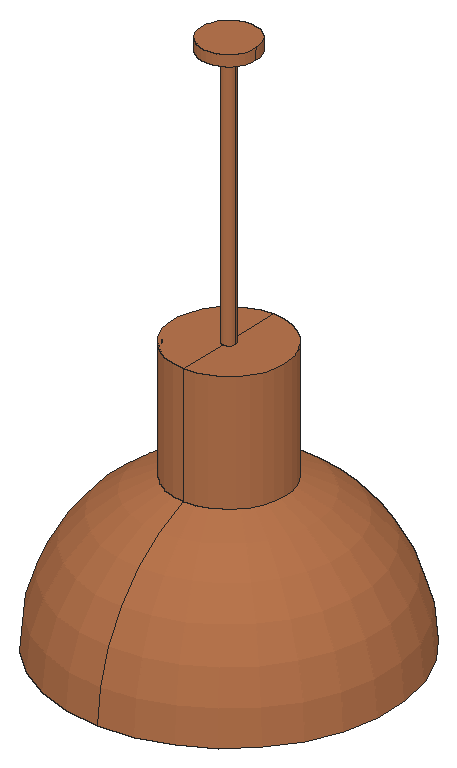
Revit family "P1_Pendent Light", category Lighting Fixtures, Revit 2013
Parameters (values of type "F1_Suspended w/p Luminaire")
  Wattage = 9.2903 W
  built-in parameter 1150110 = 1 (stored number, unit not read)
  built-in parameter 1114217 = 1 (stored number, unit not read)
  Tilt Angle = 90.00°
  built-in parameter 1150109 = 1 (stored number, unit not read)
  built-in parameter 1150134 = 3
  built-in parameter 1150113 = 1 (stored number, unit not read)
  built-in parameter 1010507 = 1.0472 (stored number, unit not read)
  built-in parameter 1010506 = 0.5236 (stored number, unit not read)
  Soffit/Ceiling Level [instance] = 2500 mm
  built-in parameter 1150105 = 4614.1 (stored number, unit not read)
  Lumens = 1380 lm
  built-in parameter 1150115 = 1 (stored number, unit not read)
  Lt = Bright
  Load Classification = Ltg
  Light Type [instance] = "F1"
  Light Source Symbol Length = 2000 mm
  built-in parameter 1150137 = (empty or 0)
  built-in parameter 1150139 = (empty or 0)
  Light Body = Light Body
  built-in parameter 1150112 = 1 (stored number, unit not read)
  built-in parameter 1150114 = 1 (stored number, unit not read)
  Lamp = "1x35W"
  built-in parameter 1150132 = (empty or 0)
  built-in parameter 1150102 = (empty or 0)
  built-in parameter 1150107 = 3200 (stored number, unit not read)
  built-in parameter 1150138 = (empty or 0)
  built-in parameter 1150106 = 46.141 (stored number, unit not read)
  Glass = Glass, Green
  built-in parameter 1150104 = 13.8 (stored number, unit not read)
  Dimming Lamp Color Temperature Shift = <None>
  Color Filter = 16777215
  Bottom of Light [instance] = 2000 mm
  built-in parameter 1114218 = 1 (stored number, unit not read)
  built-in parameter 1150133 = 10 (stored number, unit not read)
  Apparent Load = 35 VA
Reference planes
  plane 1 "Light Source Axis (F/B)": y = 0
  plane 2: z = 0
  plane 3 "Light Source Axis (L/R)": x = 0
  plane 4 "Light Source Elevation": z = 2000
  plane 5: z = 2500
  plane 6: z = 2000
  plane 7: z = 2250
  plane 8: z = 2490
  plane 9: z = 2500
  plane 10: y = -80
  plane 11: y = -100
  plane 12: y = -12.5
  plane 13: y = 12.5
  plane 14: y = -125
  plane 15: y = 125
  plane 16: y = 80
  plane 17: y = -50
  plane 18: y = 50
  plane 19: z = 2190
Forms (mm)
  Extrusion 1, solid, material "Light Body" <- "Light Body"
    sketch origin (500, 0, 0) x (1, 0, 0) y (0, 1, 0)
      loop
        circle (-500, 0) r 6
    from 2250 to 2490
  Extrusion 2, solid, material "Light Body" <- "Light Body"
    sketch origin (-500, 0, 2990) x (1, 0, 0) y (0, 1, 0)
      loop
        circle (500, 0) r 25
    from -500 to -490
  Revolve 3, solid, material "Light Body" <- "Light Body"
    sketch origin (0, 0, 1874.677) x (0, 1, 0) y (0, 0, -1)
      loop
        arc (-149.89, -125.323) -> (-122.778, -211.378) -> (-51.235, -266.352) r 150.129
        line (-51.235, -266.352) -> (-51.235, -375.323) -> (0, -375.323) -> (0, -372.323) -> (-48.233, -372.323) -> (-48.233, -264.238)
        arc (-48.233, -264.238) -> (-119.714, -210.514) -> (-146.886, -125.323) r 147.131
        line (-146.886, -125.323) -> (-149.89, -125.323)
      axis (0, -125.323) -> (0, -375.323)
    angle from 0 to 360
  Revolve 4, solid, material "Bright" <- "Lt"
    sketch origin (0, -0.199, 2274.677) x (0, 1, 0) y (0, 0, -1)
      loop
        line (-20, 152.251) -> (-20, 90.032) -> (-14.645, 84.677) -> (0, 84.677) -> (0, 234.677)
        arc (0, 234.677) -> (-37.645, 208.201) -> (-25.455, 163.821) r 40
        arc (-25.455, 163.821) -> (-21.432, 158.647) -> (-20, 152.251) r 15
      axis (0, 234.677) -> (0, 84.677)
    angle from 0 to 360
Dimensions and locks
  "Soffit/Ceiling Level": plane 5 to level
  "Bottom of Light": plane 6 to level
  locked: plane 5 to plane 8 at 10
  plane 17 to plane 1 "Light Source Axis (F/B)" = 50 mm
  plane 1 "Light Source Axis (F/B)" to plane 18 = 50 mm
  plane 7 to plane 19 to plane 6 = 60 mm locked, 190 mm locked
  aligned and locked: plane 3 "Light Source Axis (L/R)" to imposter light
  aligned and locked: plane 1 "Light Source Axis (F/B)" to imposter light
  aligned and locked: plane 4 "Light Source Elevation" to imposter light
  aligned and locked: plane 2 to level
  aligned and locked: plane 4 "Light Source Elevation" to plane 6
  aligned and locked: Revolve 3 sketch curve to imposter light
  aligned and locked: Revolve 3 sketch curve to plane 7
  aligned and locked: plane 5 to Extrusion 2
  aligned and locked: Extrusion 2 to plane 8
  aligned and locked: plane 8 to Extrusion 1
  aligned and locked: Extrusion 1 to plane 7
  aligned and locked: Revolve 4 sketch curve to plane 19
Automatic sketch dimensions
  plane 1 "Light Source Axis (F/B)" to Extrusion 1 sketch curve = 0 mm
  Extrusion 1 sketch curve to plane 3 "Light Source Axis (L/R)" = 0 mm
  plane 1 "Light Source Axis (F/B)" to Extrusion 2 sketch curve = 0 mm
  Extrusion 2 sketch curve to plane 3 "Light Source Axis (L/R)" = 0 mm
  Revolve 3 sketch curve to plane 1 "Light Source Axis (F/B)" = 0 mm  (x2)
  plane 7 to Revolve 3 sketch curve = 3 mm
  Revolve 3 sketch curve to plane 17 = 1.767 mm
  plane 17 to Revolve 3 sketch curve = 1.235 mm
  Revolve 3 sketch curve to plane 14 = 21.886 mm
  Revolve 3 sketch curve to Revolve 3 sketch curve = 3.003 mm
  plane 1 "Light Source Axis (F/B)" to Revolve 3 sketch curve = 0.239 mm
  Revolve 3 sketch curve to Revolve 3 sketch curve = 0.005 mm
  plane 4 "Light Source Elevation" to Revolve 3 sketch curve = 65 mm
  Revolve 3 sketch curve to plane 4 "Light Source Elevation" = 95 mm
  Revolve 4 sketch curve to plane 12 = 7.699 mm
  plane 19 to Revolve 4 sketch curve = 5.355 mm
  Revolve 4 sketch curve to plane 12 = 2.344 mm
  Revolve 4 sketch curve to plane 1 "Light Source Axis (F/B)" = 0.199 mm  (x2)
  Revolve 4 sketch curve to plane 17 = 14.801 mm
  Revolve 4 sketch curve to Revolve 4 sketch curve = 5.455 mm
  Revolve 4 sketch curve to Revolve 4 sketch curve = 0 mm
  Revolve 4 sketch curve to Revolve 4 sketch curve = 62.218 mm
  plane 7 to Revolve 4 sketch curve = 10 mm
  plane 4 "Light Source Elevation" to Revolve 4 sketch curve = 10 mm
  radius of Extrusion 1 sketch curve = 6 mm
  radius of Extrusion 2 sketch curve = 25 mm
Nested families
  nested 1: "EL_P1" at (0, 0, 0), type "EL_P1"
Connectors
  electrical at (0, 0, 2500), driven by "Load Classification"
    settings: on Extrusion 2, index 1, voltage 230 V, apparent load 0 VA, apparent load phase1 35 VA, apparent load phase2 0 VA, apparent load phase3 0 VA, power factor 0.9, load classification "Ltg", number of poles 1, system type 31, power factor state 1, is connector primary yes, connector utility no, sub classification motor no, connector description ""
Definition of nested family "EL_P1"
  Reference planes
    plane 1: y = 0
    plane 2: x = 0
  Lines and regions (mm)
    Filled region 1, type "Filled region 1"
      outline origin (0, 0, 0) x (1, 0, 0) y (0, 1, 0)
        loop
          circle (0, 0) r 2
        loop
          circle (0, 0) r 1.75
    detail lines, style "Lighting Symbols"
      curve 1: line (-2.5, 0, 0) -> (2.5, 0, 0)
      curve 2: line (0, 2.5, 0) -> (0, -2.5, 0)
